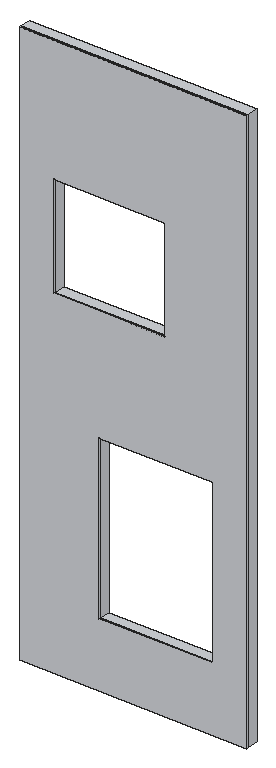
Revit family "RNGD_Optimizer Ext Wall Panel_Opening", category Generic Models, Revit 2025
Family settings
  Can host rebar = No
  Round Connector Dimension = Use Diameter
  Part Type = Normal
  Work Plane-Based = No
  Always vertical = Yes
  Cut with Voids When Loaded = Yes
  Maintain Annotation Orientation = No
  Shared = No
  Room Calculation Point = No
Parameters (values of type "EXT_6" CFMF - ExoAir")
  Wall Panel Area [instance] = Overall Height * Overall Width  # 250.00 SF
  Void 2 Width [instance] = 2 * VOID 2 JAMB CLR + UNIT 2 WIDTH  # 4' - 10 1/2"
  Void 2 Height [instance] = VOID 2 SILL CLR + VOID 2 HEAD CLR + UNIT 2 HEIGHT  # 4' - 6"
  Void 1 Y Offset [instance] = 2' - 10"
  Void 1 X Offset [instance] = 3' - 6"
  Void 1 Width [instance] = 2 * VOID 1 JAMB CLR + UNIT 1 WIDTH  # 5' - 0"
  Void 1 Height [instance] = VOID 1 SILL CLR + VOID 1 HEAD CLR + UNIT 1 HEIGHT  # 7' - 2"
  Void 2 Y Offset [instance] = 15' - 0"
  Void 2 X Offset [instance] = 1' - 6"
  VOID 2 SILL CLR [instance] = 0' - 6"
  VOID 2 JAMB CLR [instance] = 0' - 5 1/4"
  VOID 2 HEAD CLR [instance] = 0' - 6"
  VOID 2 [instance] = yes
  VOID 1 SILL CLR [instance] = 0' - 10"
  VOID 1 JAMB CLR [instance] = 0' - 6"
  VOID 1 HEAD CLR [instance] = 0' - 10"
  VOID 1 [instance] = yes
  UNIT 2 HEIGHT [instance] = 3' - 6"
  UNIT 1 WIDTH [instance] = 4' - 0"
  UNIT 1 HEIGHT [instance] = 5' - 6"
  UNIT 2 WIDTH [instance] = 4' - 0"
  Stud Depth = 0' - 6"
  Sheathing Wrap_Right [instance] = no
  Sheathing Wrap_Left [instance] = no
  Overall Width [instance] = 10' - 0"
  Overall Height [instance] = 25' - 0"
  Material = EIFS_Stucco
  Location = "EXT"
  Fully Finished = no
  Finish Extents = "Backer Panel"
  Finish Area [instance] = 24.0625 SF
  Finish + Air Barrier Depth = 0' - 0"
  Description = ""
  Default Elevation = 0' - 0"
Reference planes (in)
  plane 1 "Center (Front/Back)": y = 0
  plane 2: z = 0
  plane 3 "Center (Left/Right)": x = 45.5625
  plane 4: x = -14.4375
  plane 5: x = 105.5625
  plane 6: z = 300
  plane 7: y = -6.625
  plane 8: y = -6
  plane 9: y = -6.625
  plane 10: y = -20.75
  plane 11: y = 9
  plane 12 "L.O. VOID 1": x = 27.5625
  plane 13 "R.O. VOID 1": x = 87.5625
  plane 14 "T.O. VOID": z = 120
  plane 15 "B.O. VOID": z = 34
  plane 16 "VOID 1 SILL CLR": z = 44
  plane 17 "VOID 1 HEAD CLR": z = 110
  plane 18 "VOID 1 JAMB CLR 1": x = 81.5625
  plane 19 "VOID 1 JAMB CLR 2": x = 33.5625
  plane 20 "T.O. VOID 2": z = 234
  plane 21 "VOID 2 Head CLR 6": z = 228
  plane 22 "VOID 2 JAMB CLR 7": x = 8.8125
  plane 23 "VOID 2 JAMB CLR 8": x = 56.8125
  plane 24 "B. O. VOID 2": z = 180
  plane 25 "L. O. VOID 2": x = 3.5625
  plane 26 "R. O. VOID 2": x = 62.0625
  plane 27 "VOID 2 SILL CLR": z = 186
Forms (in)
  Extrusion 1, solid
    sketch origin (0, 0, 0) x (1, 0, 0) y (0, 0, 1)
      loop
        line (-14.4375, 0) -> (105.5625, 0) -> (105.5625, 300) -> (-14.4375, 300) -> (-14.4375, 0)
    from 0 to 6
  Extrusion 2, solid
    sketch origin (0, -6, 0) x (1, 0, 0) y (0, 0, 1)
      loop
        line (-14.4375, 0) -> (105.5625, 0) -> (105.5625, 300) -> (-14.4375, 300) -> (-14.4375, 0)
    from 0 to 0.625
  Extrusion 3, solid, visible <- "Sheathing Wrap_Left"
    sketch origin (0, 0, 0) x (1, 0, 0) y (0, 0, 1)
      loop
        line (-14.4375, 0) -> (-14.4375, 300) -> (-15.0625, 300) -> (-15.0625, 0) -> (-14.4375, 0)
    from 0 to 6.625
  Extrusion 4, solid, visible <- "Sheathing Wrap_Right"
    sketch origin (0, 0, 0) x (-1, 0, 0) y (0, 0, -1)
      loop
        line (-105.5625, 0) -> (-106.1875, 0) -> (-106.1875, -300) -> (-105.5625, -300) -> (-105.5625, 0)
    from 0 to 6.625
  Extrusion 5, void
    sketch origin (0, 0, 0) x (-1, 0, 0) y (0, 0, 1)
      loop
        line (-3.5625, 234) -> (-62.0625, 234) -> (-62.0625, 180) -> (-3.5625, 180) -> (-3.5625, 234)
    from -17.89937 to 12
  Extrusion 6, void
    sketch origin (0, 0, 0) x (-1, 0, 0) y (0, 0, 1)
      loop
        line (-27.5625, 120) -> (-87.5625, 120) -> (-87.5625, 34) -> (-27.5625, 34) -> (-27.5625, 120)
    from -17.89937 to 12
Cuts and joins
  Extrusion 5, Extrusion 6 cuts Extrusion 1
  Extrusion 5, Extrusion 6 cuts Extrusion 2
  Extrusion 6 cuts Extrusion 4
Dimensions and locks (in)
  "Stud Depth": plane 8 to plane 1 "Center (Front/Back)"
  plane 7 to plane 8 = 0' - 0 5/8"
  "Finish + Air Barrier Depth": plane 7 to plane 9
  Extrusion 3 sketch curve to plane 4 = 0' - 0 5/8"
  locked: Extrusion 4 sketch curve to plane 5 at 0.625
  "Overall Width": plane 4 to plane 5
  "Overall Height": plane 6 to plane 2
  "Void 1 Y Offset": plane 15 "B.O. VOID" to plane 2
  "Void 1 X Offset": plane 4 to plane 12 "L.O. VOID 1"
  level to Extrusion 1 = 25' - 0"
  equal spacing: plane 4, plane 3 "Center (Left/Right)", plane 5
  "VOID 1 SILL CLR": plane 16 "VOID 1 SILL CLR" to plane 15 "B.O. VOID"
  "VOID 1 HEAD CLR": plane 14 "T.O. VOID" to plane 17 "VOID 1 HEAD CLR"
  "VOID 1 JAMB CLR": plane 18 "VOID 1 JAMB CLR 1" to plane 13 "R.O. VOID 1"
  "VOID 1 JAMB CLR": plane 12 "L.O. VOID 1" to plane 19 "VOID 1 JAMB CLR 2"
  "UNIT 1 WIDTH": plane 19 "VOID 1 JAMB CLR 2" to plane 18 "VOID 1 JAMB CLR 1"
  "UNIT 1 HEIGHT": plane 17 "VOID 1 HEAD CLR" to plane 16 "VOID 1 SILL CLR"
  plane 12 "L.O. VOID 1" to plane 13 "R.O. VOID 1" = 5' - 0"
  plane 14 "T.O. VOID" to plane 15 "B.O. VOID" = 7' - 2"
  "VOID 2 HEAD CLR": plane 20 "T.O. VOID 2" to plane 21 "VOID 2 Head CLR 6"
  "UNIT 2 HEIGHT": plane 21 "VOID 2 Head CLR 6" to plane 27 "VOID 2 SILL CLR"
  "VOID 2 SILL CLR": plane 27 "VOID 2 SILL CLR" to plane 24 "B. O. VOID 2"
  "VOID 2 JAMB CLR": plane 22 "VOID 2 JAMB CLR 7" to plane 25 "L. O. VOID 2"
  "VOID 2 JAMB CLR": plane 23 "VOID 2 JAMB CLR 8" to plane 26 "R. O. VOID 2"
  "Void 2 Y Offset": plane 24 "B. O. VOID 2" to level
  "Void 2 X Offset": plane 4 to plane 25 "L. O. VOID 2"
  "UNIT 2 WIDTH": plane 22 "VOID 2 JAMB CLR 7" to plane 23 "VOID 2 JAMB CLR 8"
  aligned and locked: plane 2 to level
  aligned and locked: Extrusion 2 to plane 8
  aligned and locked: Extrusion 2 to plane 7
  aligned and locked: plane 4 to Extrusion 3 sketch curve
  aligned and locked: Extrusion 3 sketch curve to plane 6
  aligned and locked: Extrusion 3 to plane 1 "Center (Front/Back)"
  aligned and locked: Extrusion 3 to plane 7
  aligned and locked: Extrusion 4 to plane 5
  aligned and locked: plane 7 to Extrusion 4
  aligned and locked: Extrusion 4 to plane 1 "Center (Front/Back)"
  aligned and locked: Extrusion 4 sketch curve to plane 6
  aligned and locked: Extrusion 5 to plane 25 "L. O. VOID 2"
Automatic sketch dimensions
  plane 4 to Extrusion 1 sketch curve = 0' - 0"
  Extrusion 1 sketch curve to plane 5 = 0' - 0"
  Extrusion 1 sketch curve to level = 0' - 0"
  Extrusion 1 sketch curve to plane 6 = 0' - 0"
  plane 4 to Extrusion 2 sketch curve = 0' - 0"
  Extrusion 2 sketch curve to plane 5 = 0' - 0"
  Extrusion 2 sketch curve to level = 0' - 0"
  Extrusion 2 sketch curve to plane 6 = 0' - 0"
  Extrusion 3 sketch curve to level = 0' - 0"
  Extrusion 4 sketch curve to plane 5 = 0' - 0"
  Extrusion 4 sketch curve to level = 0' - 0"
  Extrusion 5 sketch curve to plane 20 "T.O. VOID 2" = 0' - 0"
  Extrusion 5 sketch curve to plane 26 "R. O. VOID 2" = 0' - 0"
  Extrusion 5 sketch curve to plane 24 "B. O. VOID 2" = 0' - 0"
  Extrusion 5 sketch curve to plane 25 "L. O. VOID 2" = 0' - 0"
  plane 13 "R.O. VOID 1" to Extrusion 6 sketch curve = 0' - 0"
  plane 12 "L.O. VOID 1" to Extrusion 6 sketch curve = 0' - 0"
  Extrusion 6 sketch curve to plane 15 "B.O. VOID" = 0' - 0"
  Extrusion 6 sketch curve to plane 14 "T.O. VOID" = 0' - 0"
